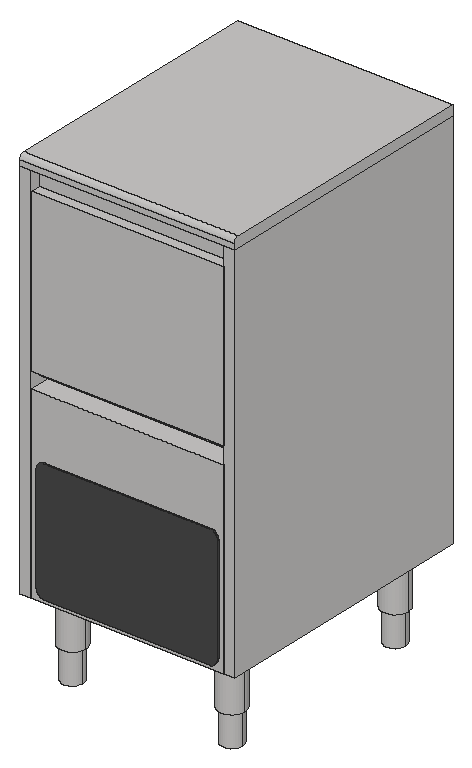
Revit family "QF_ELECTROLUXPROFESSIONAL_730340_ICB32I15SNPUK", category Attrezzature speciali, Revit 2018
Family settings
  Quota connettore circolare = Usa diametro
  Tipo di parte = Normale
  Basato su piano di lavoro = No
  Sempre verticale = Sì
  Taglio con vuoti quando caricato = No
  Condiviso = No
  Punto di calcolo locali = No
Parameters (values of type "Standard")
  Weight = 40.00 kg
  Watts = 0 W
  Volts = 230 V
  URL Manufacturer = "https://www.electroluxprofessional.com/"
  URL = "https://www.electroluxprofessional.com/"
  Steam Supply Size = 0 mm
  Steam Supply Minimum Pressure = 0.0 Pa
  Steam Supply Maximum Pressure = 0.0 Pa
  Steam Pounds per Hour = 0
  Show Logo [instance] = yes
  Show Clearance [instance] = yes
  Refrigeration Suction Line Size = 0 mm
  Refrigeration Liquid Line Size = 0 mm
  Refrigerant Compressor Remote = yes
  Produttore = "Electrolux Professional"
  Phase = 1
  Modello = "ICB32I15SNPUK"
  Length Actual = 405 mm  # constant formula
  Item Number = "730340"
  Hot Water Size = 0 mm
  Height Actual = 849 mm  # constant formula
  HP = "0 HP"
  Gas Size = 0 mm
  Gas KW = 0
  Gas Input Pressure = 0 W
  Descrizione = "AIR COOLED ICE CUBER 22GR 32KG/24H-BIN 15KG - UK"
  Depth Actual = 515 mm  # constant formula
  Cycle = 50 Hz
  Condensate Return Size = 0 mm
  Compressed Air Volume = 0.0 L/s
  Compressed Air Size = 0 mm
  Compressed Air Pressure = 0.0 Pa
  Cold Water Size = 19.05 mm
  Accessory = yes
Reference planes
  plane 1 "Center X": y = 272.851
  plane 2: z = 0
  plane 3 "Center Y": x = -501.5
  plane 4 "LEFT": x = -704
  plane 5 "RIGHT": x = -299
  plane 6 "FRONT": y = 15.351
  plane 7 "BACK": y = 530.351
  plane 8: z = 152
  plane 9: z = 896
  plane 10: z = 876
  plane 11: x = -684
  plane 12: x = -319
  plane 13: y = 55.351
Forms (mm)
  Extrusion 1, solid, material "QF_Finishes_Black"
    sketch origin (-217.296, 15.251, 371.513) x (-1, 0, 0) y (0, 0, -1)
      loop
        arc (439.204, -18.487) -> (449.811, -14.093) -> (454.204, -3.487) r 15
        line (454.204, -3.487) -> (454.204, 197.469)
        arc (454.204, 197.469) -> (449.811, 208.075) -> (439.204, 212.469) r 15
        line (439.204, 212.469) -> (126.938, 212.469)
        arc (126.938, 212.469) -> (116.331, 208.075) -> (111.938, 197.469) r 15
        line (111.938, 197.469) -> (111.938, -3.487)
        arc (111.938, -3.487) -> (116.331, -14.093) -> (126.938, -18.487) r 15
        line (126.938, -18.487) -> (439.204, -18.487)
    from 0 to 2
  Extrusion 2, solid, material "QF_Finishes_Stainless Steel"
    sketch origin (-501.5, 0, 0) x (0, 1, 0) y (0, 0, 1)
      loop
        line (530.351, 876) -> (530.351, 896) -> (25.351, 896)
        arc (25.351, 896) -> (18.28, 893.071) -> (15.351, 886) r 10
        line (15.351, 886) -> (15.351, 876) -> (530.351, 876)
    from -202.5 to 202.5
  Extrusion 3, solid, material "QF_Finishes_Stainless Steel"
    sketch origin (-268.7, 530.351, -324.545) x (1, 0, 0) y (0, 0, -1)
      loop
        circle (-76.8, -652.545) r 10
    from 0 to 10
  Extrusion 4, solid, material "QF_Finishes_Stainless Steel"
    sketch origin (0, 0, 0) x (1, 0, 0) y (0, 1, 0)
      loop
        line (-704, 530.351) -> (-704, 15.351) -> (-684, 15.351) -> (-684, 530.351) -> (-704, 530.351)
    from 152 to 876
  Extrusion 5, solid, material "QF_Finishes_Stainless Steel"
    sketch origin (0, 0, 0) x (1, 0, 0) y (0, 1, 0)
      loop
        line (-319, 530.351) -> (-319, 15.351) -> (-299, 15.351) -> (-299, 530.351) -> (-319, 530.351)
    from 152 to 876
  Extrusion 6, solid, material "QF_Finishes_Stainless Steel"
    sketch origin (0, 0, 0) x (1, 0, 0) y (0, 1, 0)
      loop
        line (-684, 530.351) -> (-684, 55.351) -> (-319, 55.351) -> (-319, 530.351) -> (-684, 530.351)
    from 152 to 876
  Extrusion 7, solid, material "QF_Finishes_Stainless Steel"
    sketch origin (0, 0, 0) x (1, 0, 0) y (0, 1, 0)
      loop
        line (-684, 15.351) -> (-319, 15.351) -> (-319, 55.351) -> (-684, 55.351) -> (-684, 15.351)
    from 152 to 506.229
  Extrusion 8, solid, material "QF_Finishes_Stainless Steel"
    sketch origin (-501.5, 0, 0) x (0, 1, 0) y (0, 0, 1)
      loop
        line (55.351, 876) -> (35.351, 876) -> (35.351, 840) -> (15.351, 840) -> (15.351, 536.768) -> (35.351, 536.768) -> (35.351, 521) -> (55.351, 521) -> (55.351, 876)
    from -182.5 to 182.5
  Extrusion 9, solid, material "QF_Finishes_Stainless Steel"
    sketch origin (-263.2, 530.351, -450.545) x (1, 0, 0) y (0, 0, -1)
      loop
        circle (-76.8, -652.545) r 10
    from 0 to 10
  Extrusion 10, solid, material "QF_Finishes_Stainless Steel"
    sketch origin (-288.7, 530.351, -377.545) x (1, 0, 0) y (0, 0, -1)
      loop
        circle (-76.8, -652.545) r 10
    from 0 to 10
Lines and regions (mm)
  Split face 1
    outline origin (-501.5, 35.351, 876) x (0, 0, -1) y (1, 0, 0)
      loop
        line (5.715, 59.928) -> (30.715, 59.928) -> (30.715, 99.928) -> (5.715, 99.928) -> (5.715, 59.928)
  symbolic lines
    curve 1: line (-704, 530.351, 0) -> (-299, 530.351, 0)
    curve 2: line (-704, 15.351, 0) -> (-704, 530.351, 0)
    curve 3: line (-299, 15.351, 0) -> (-704, 15.351, 0)
    curve 4: line (-299, 530.351, 0) -> (-299, 15.351, 0)
Dimensions and locks
  equal spacing: plane 4 "LEFT", plane 3 "Center Y", plane 5 "RIGHT"
  plane 4 "LEFT" to plane 5 "RIGHT" = 405 mm
  equal spacing: plane 7 "BACK", plane 1 "Center X", plane 6 "FRONT"
  plane 7 "BACK" to plane 6 "FRONT" = 515 mm
  plane 8 to plane 2 = 152 mm
  plane 9 to plane 8 = 744 mm
  locked: plane 4 "LEFT" to plane 11 at 20
  locked: plane 12 to plane 5 "RIGHT" at 20
  locked: plane 9 to plane 10 at 20
  locked: plane 13 to plane 6 "FRONT" at 40
  aligned and locked: level to plane 2
  aligned and locked: plane 5 "RIGHT" to Extrusion 2
  aligned and locked: Extrusion 2 to plane 4 "LEFT"
  aligned and locked: Extrusion 4 sketch curve to Extrusion 2  (x2)
  aligned and locked: plane 6 "FRONT" to Extrusion 4 sketch curve
  aligned and locked: Extrusion 4 sketch curve to plane 11
  aligned and locked: Extrusion 5 sketch curve to plane 7 "BACK"
  aligned and locked: plane 12 to Extrusion 5 sketch curve
  aligned and locked: Extrusion 5 sketch curve to Extrusion 2  (x2)
  aligned and locked: plane 10 to Extrusion 4
  aligned and locked: plane 10 to Extrusion 5
  aligned and locked: Extrusion 4 to plane 8
  aligned and locked: Extrusion 5 to plane 8
  aligned and locked: Extrusion 6 sketch curve to Extrusion 4
  aligned and locked: Extrusion 4 to Extrusion 6 sketch curve
  aligned and locked: plane 13 to Extrusion 6 sketch curve
  aligned and locked: Extrusion 6 sketch curve to plane 12
  aligned and locked: plane 10 to Extrusion 6
  aligned and locked: Extrusion 6 to plane 8
  aligned and locked: Extrusion 4 to Extrusion 7 sketch curve
  aligned and locked: Extrusion 7 sketch curve to Extrusion 4
  aligned and locked: plane 13 to Extrusion 7 sketch curve
  aligned and locked: plane 12 to Extrusion 7 sketch curve
  aligned and locked: Extrusion 7 to plane 8
  aligned and locked: plane 12 to Extrusion 8
  aligned and locked: Extrusion 8 to plane 11
Automatic sketch dimensions
  curve 3 to plane 4 "LEFT" = 0 mm
  curve 3 to plane 5 "RIGHT" = 0 mm
  curve 3 to plane 6 "FRONT" = 0 mm
  curve 2 to plane 7 "BACK" = 0 mm
  Extrusion 1 sketch curve to plane 12 = 10.234 mm
  plane 8 to Extrusion 1 sketch curve = 7.044 mm
  Extrusion 1 sketch curve to Extrusion 1 sketch curve = 15 mm  (x3)
  plane 11 to Extrusion 1 sketch curve = 27.5 mm  (x2)
  Extrusion 1 sketch curve to Extrusion 1 sketch curve = 200.956 mm
  Extrusion 2 sketch curve to plane 6 "FRONT" = 0 mm
  Extrusion 2 sketch curve to plane 9 = 0 mm
  Extrusion 2 sketch curve to plane 7 "BACK" = 0 mm
  Extrusion 2 sketch curve to plane 10 = 0 mm
  plane 6 "FRONT" to Extrusion 2 sketch curve = 10 mm
  Extrusion 6 to Extrusion 3 sketch curve = 176 mm
  Extrusion 3 sketch curve to Extrusion 6 = 26.5 mm
  Extrusion 8 sketch curve to plane 6 "FRONT" = 0 mm
  Extrusion 8 sketch curve to plane 10 = 0 mm
  Extrusion 8 sketch curve to plane 13 = 0 mm
  plane 6 "FRONT" to Extrusion 8 sketch curve = 20 mm  (x2)
  Extrusion 8 sketch curve to plane 10 = 36 mm
  Extrusion 8 sketch curve to Extrusion 8 sketch curve = 303.232 mm
  Extrusion 8 sketch curve to Extrusion 8 sketch curve = 15.768 mm
  Split face 1 sketch curve to Extrusion 8 = 5.715 mm
  Extrusion 8 to Split face 1 sketch curve = 5.285 mm
  Split face 1 sketch curve to Extrusion 8 = 122.572 mm
  Split face 1 sketch curve to Split face 1 sketch curve = 40 mm
  Extrusion 9 sketch curve to Extrusion 6 = 21 mm
  Extrusion 6 to Extrusion 9 sketch curve = 50 mm
  Extrusion 10 sketch curve to Extrusion 6 = 46.5 mm
  Extrusion 6 to Extrusion 10 sketch curve = 123 mm
  radius of Extrusion 3 sketch curve = 10 mm
  radius of Extrusion 9 sketch curve = 10 mm
  radius of Extrusion 10 sketch curve = 10 mm
Nested families
  nested 1: "Foot_Complete" at (-652, 74.251, 0), type "Foot_Complete"
    with H 152 mm
  nested 2: "Foot_Complete" at (-351, 74.251, 0) x (-1, 0, 0) z (0, 0, 1), type "Foot_Complete"
    with H 152 mm
  nested 3: "Foot_Complete" at (-652, 459.451, 0), type "Foot_Complete"
    with H 152 mm
  nested 4: "Foot_Complete" at (-351, 459.451, 0) x (-1, 0, 0) z (0, 0, 1), type "Foot_Complete"
    with H 152 mm
Connectors
  electrical at (-340, 540.351, 202), driven by "Volts"
    settings: on Extrusion 9, index 1, voltage 230 V, apparent load 0 VA, apparent load phase1 0 VA, apparent load phase2 0 VA, apparent load phase3 0 VA, power factor 1, load classification "Altro", number of poles 1, system type 30, power factor state 1, is connector primary yes, connector utility no, sub classification motor no, connector description "Electrical Connection"
  piping at (-345.5, 540.351, 328), diameter 20
    settings: on Extrusion 3, index 2, connector inside diameter 609.6 mm, connector length 0 mm, flow factor 0, pipe flow 0.0 L/s, pressure drop 0.0 Pa, fitting loss kfactor 0, connector angle 0.00°, fixture units 0, engagement length 0 mm, angle of deflection 0.00°, flow configuration 0, flow direction 0, fitting loss method 0, system type 20, joint type 0, gender type 0, connector reference index -1, connector utility 0, adjustable connector no, is connector primary yes, connector description "Cold water"
  piping at (-365.5, 540.351, 275), diameter 20
    settings: on Extrusion 10, index 3, connector inside diameter 609.6 mm, connector length 0 mm, flow factor 0, pipe flow 0.0 L/s, pressure drop 0.0 Pa, fitting loss kfactor 0, connector angle 0.00°, fixture units 0, engagement length 0 mm, angle of deflection 0.00°, flow configuration 0, flow direction 0, fitting loss method 0, system type 16, joint type 0, gender type 0, connector reference index -1, connector utility 0, adjustable connector no, is connector primary no, connector description "Drain"
Definition of nested family "Foot_Complete"
  Parameters (values of type "Foot_Complete")
    R = 25 mm
    H = 153 mm
  Reference planes
    plane 1 "Centro (Fronte/Retro)": y = 0
    plane 2: z = 0
    plane 3 "Centro (Sinistra/Destra)": x = 0
    plane 4: z = 153
  Forms (mm)
    Revolve 1, solid
      sketch origin (255.05, 0, 608.09) x (0, 0, 1) y (-1, 0, 0)
        loop
          line (-608.09, 255.05) -> (-608.09, 235.05) -> (-548.09, 235.05) -> (-548.09, 230.05) -> (-455.09, 230.05) -> (-455.09, 255.05) -> (-608.09, 255.05)
        axis (-608.09, 255.05) -> (-455.09, 255.05)
      angle from 0 to 360
  Dimensions and locks
    level to Revolve 1 sketch curve = 60 mm
    "R": Revolve 1 sketch curve to plane 3 "Centro (Sinistra/Destra)"
    "H": plane 4 to level
    aligned and locked: level to plane 2
    aligned and locked: plane 4 to Revolve 1 sketch curve
    aligned and locked: Revolve 1 sketch curve to level
    aligned and locked: plane 3 "Centro (Sinistra/Destra)" to Revolve 1 sketch curve
  Automatic sketch dimensions
    Revolve 1 sketch curve to plane 3 "Centro (Sinistra/Destra)" = 0 mm
    plane 3 "Centro (Sinistra/Destra)" to Revolve 1 sketch curve = 20 mm
    Revolve 1 sketch curve to Revolve 1 sketch curve = 50 mm
    Revolve 1 sketch curve to Revolve 1 sketch curve = 20 mm
